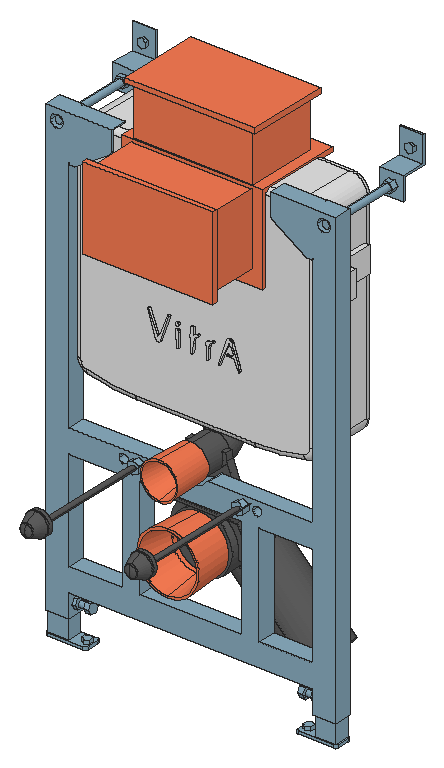
Revit family "ConcealedCistern-ForWallHungWCPans-82cm-GypsumplateWalls-FloorMounting-Unity-VitrA-761-5805", category Plumbing Fixtures, host Face, Revit 2017
Family settings
  Host = Face
  Round Connector Dimension = Use Diameter
  Part Type = Normal
  OmniClass Number = 23.45.00.00
  OmniClass Title = Sanitary, Laundry, and Cleaning Equipment
  Cut with Voids When Loaded = No
  Shared = Yes
  Room Calculation Point = No
Parameters (values of type "ConcealedCistern-ForWallHungWCPans-3/6lt-82cm-GypsumplateWalls-FloorMounting-Unity-VitrA-761-5805-01")
  Youtube = "https://www.youtube.com/user/VitrAglobal"
  Weight Net (kg) = "11.5"
  Waste Connection = yes
  Warranty Period (Year) = "10 Years"
  Vent Connection = no
  Uniformat II Description = ""
  Uniformat II Code = ""
  Uniclass 2015 Name = "WC cisterns"
  Uniclass 2015 Code = "Pr_40_20_93_89"
  Uniclass 2.0 Description = "Wc Cisterns"
  Uniclass 2.0 Code = "PR-35-93-90"
  Uniclass 1.4 Description = ""
  Uniclass 1.4 Code = ""
  URL = "https://www.vitra.com.tr/"
  UNSPSC Description = ""
  UNSPSC Code = ""
  Third Material = Blue
  Technical description = "https://www.vitraglobal.com/pdf/761-5805-01/"
  Tap hole Options (default) = ""
  Specification = ""
  Secondary Material = White
  Region South America = "All"
  Region Oceania = "All"
  Region North America = "All"
  Region Middle East = "All"
  Region Europe = "All"
  Region Asia = "All"
  Region Antarctica = "All"
  Region Africa = "All"
  Product url = "https://www.vitraglobal.com/flushing-solutions-flush-plates/frames-cisterns/concealed-frame-systems/unity-concealed-cistern-for-wall-hung-wc-pans-gypsumplate-walls-sku-761-5805-01/"
  Product manual = ""
  Product group = "ConcealedCistern-3/6lt-82cm-GypsumplateWalls-FloorMounting"
  Product family = "Vitra"
  Product data url = ""
  Product certification = "https://www.vitraglobal.com/brochures/"
  Product Type = "Concealed Cistern"
  Product SKU = "761-5805-01"
  Product Properties = "ConcealedCistern-ForWallHungWCPans-82cm-GypsumplateWalls-FloorMounting"
  Product Guid = ""
  Primary Material = Orange
  Outlet Angle = 90.00°
  OmniClass Description = "Water Closets"
  OmniClass Code = "23-31 19 19"
  Nominal Width (mm) = 500 mm
  Nominal Height (mm) = 820 mm
  Nominal Depth (mm) = 120 mm
  NBS Referans Description = "Wc Cisterns"
  NBS Referans Code = "35-93-90"
  Mounting type = "Assembly to floor & wall"
  Model = "761-5805-01"
  Masterformat 2014 Description = ""
  Masterformat 2014 Code = ""
  Manufacturer name = "Vitra"
  Manufacturer = "Vitra"
  Installation instructions = ""
  IFC Classification = "Sanitary Terminal"
  Help = ""
  HW Connection = no
  GTIP code = ""
  Features = ""
  EAN code = ""
  Design country = "Turkey"
  Description = "VitrA Unity - Concealed Cistern - For Wall Hung WC Pans - 3/6lt - 82cm - Gypsumplate Walls - Floor Mounting"
  Default Elevation = 1000 mm
  Color = ""
  Coating Material = Console
  Calculated flow = ""
  CW Connection = yes
  COBIe Type Category = ""
  Brand = "Vitra"
  BIMobject category = "Toilet Cisterns"
  Article No. (default) = "761-5805-01"
  Approvals = ""
  ApplicationType = ""
  Accessories (default) = ""
Reference planes
  plane 1 "Center (Front/Back)": y = 0
  plane 2: z = 0
  plane 3 "Center (Left/Right)": x = 0
  plane 4: z = 220
  plane 5: y = -79.884
  plane 6: y = 40.116
  plane 7: x = -250
  plane 8: x = 250
  plane 9: z = 820
Forms (mm)
  Extrusion 1, solid, detail levels coarse
    sketch origin (0, 0, 0) x (1, 0, 0) y (0, 1, 0)
      loop
        line (-250, 46.796) -> (-250, -79.884) -> (250, -79.884) -> (250, 46.796) -> (-250, 46.796)
    from 0 to 910.441
  Extrusion 2, solid, detail levels coarse
    sketch origin (0, 0, 0) x (1, 0, 0) y (0, 0, 1)
      loop
        circle (0, 220) r 65
      loop
        circle (0, 357.605) r 26.044
    from 0 to 233.75
  Extrusion 3, solid, detail levels coarse
    sketch origin (0, 0, -255) x (1, 0, 0) y (0, 0, 1)
      loop
        line (111.37, 1075.159) -> (-111.368, 1075.159) -> (-111.368, 932.335) -> (111.37, 932.335) -> (111.37, 1075.159)
    from 70.438 to 173.282
  Extrusion 4, solid, material "Console" <- "Coating Material", detail levels medium+fine
    sketch origin (-136.75, -79.782, 819.666) x (-1, 0, 0) y (0, 0, -1)
      loop
        line (-386.75, 780.5) -> (-386.75, 0) -> (-346.75, 0) -> (-346.75, 485.5) -> (-166.75, 485.5)
        arc (-166.75, 485.5) -> (-164.636, 485.969) -> (-162.918, 487.288) r 5
        arc (-162.918, 487.288) -> (-136.75, 499.5) -> (-110.582, 487.288) r 34.143
        arc (-110.582, 487.288) -> (-108.864, 485.969) -> (-106.75, 485.5) r 5
        line (-106.75, 485.5) -> (73.25, 485.5) -> (73.25, 0) -> (113.25, 0) -> (113.25, 780.5) -> (73.25, 780.5) -> (73.25, 740.5) -> (-346.75, 740.5) -> (-346.75, 780.5) -> (-386.75, 780.5)
      loop
        line (-254.25, 525.5) -> (-254.25, 700.5) -> (-346.75, 700.5) -> (-346.75, 525.5) -> (-254.25, 525.5)
      loop
        line (-224.25, 525.5) -> (-49.25, 525.5) -> (-49.25, 700.5) -> (-224.25, 700.5) -> (-224.25, 525.5)
      loop
        line (-19.25, 525.5) -> (73.25, 525.5) -> (73.25, 700.5) -> (-19.25, 700.5) -> (-19.25, 525.5)
      loop
        circle (-251.625, 500.523) r 7.957
      loop
        circle (-21.678, 500.198) r 8
      loop
        circle (93.406, 19.885) r 11
      loop
        circle (-366.655, 19.852) r 11
    from 0 to -30.5
  Extrusion 5, solid, material "Console" <- "Coating Material", detail levels medium+fine
    sketch origin (215.5, -64.782, 0) x (-1, 0, 0) y (0, -1, 0)
      loop
        arc (-30, 15) -> (-33.536, 13.536) -> (-35, 10) r 5
        line (-35, 10) -> (-35, -10)
        arc (-35, -10) -> (-33.536, -13.536) -> (-30, -15) r 5
        line (-30, -15) -> (30, -15)
        arc (30, -15) -> (33.536, -13.536) -> (35, -10) r 5
        line (35, -10) -> (35, 10)
        arc (35, 10) -> (33.536, 13.536) -> (30, 15) r 5
        line (30, 15) -> (-30, 15)
    from 0 to 5
  Extrusion 6, solid, material "Console" <- "Coating Material", detail levels medium+fine
    sketch origin (183.6, -76.733, 10.3) x (0.5, -0.866025, 0) y (0.866025, 0.5, 0)
      loop
        line (-13.8, 15.935) -> (-13.8, 7.967) -> (-6.9, 3.984) -> (0, 7.967) -> (0, 15.935) -> (-6.9, 19.919) -> (-13.8, 15.935)
    from 0 to -5.3
  Extrusion 7, solid, material "Console" <- "Coating Material", detail levels medium+fine
    sketch origin (215.5, -77.282, -95.834) x (1, 0, 0) y (0, 0, 1)
      loop
        line (32, 100.834) -> (32, 135) -> (-3, 135) -> (-3, 100.834) -> (32, 100.834)
    from 0 to -25
  Extrusion 8, solid, material "Console" <- "Coating Material", detail levels medium+fine
    sketch origin (180, -64.782, 59.166) x (0, 0, -1) y (0, -1, 0)
      loop
        line (0, -9.815) -> (8.5, -4.907) -> (8.5, 4.907) -> (0, 9.815) -> (-8.5, 4.907) -> (-8.5, -4.907) -> (0, -9.815)
    from 0 to -9
  Extrusion 9, solid, material "Console" <- "Coating Material", detail levels medium+fine
    sketch origin (202, -64.782, 59.166) x (0, 0, -1) y (0, -1, 0)
      loop
        line (0, -9.815) -> (8.5, -4.907) -> (8.5, 4.907) -> (0, 9.815) -> (-8.5, 4.907) -> (-8.5, -4.907) -> (0, -9.815)
    from 0 to -8
  Extrusion 10, solid, material "Console" <- "Coating Material", detail levels medium+fine
    sketch origin (189, -64.782, 59.166) x (0, 0, 1) y (0, -1, 0)
      loop
        circle (0.022, 0.006) r 5.5
    from 0 to 13
  Extrusion 11, solid, material "Console" <- "Coating Material", detail levels medium+fine
    sketch origin (-215.5, -64.782, 0) x (-1, 0, 0) y (0, -1, 0)
      loop
        line (30, 15) -> (-30, 15)
        arc (-30, 15) -> (-33.536, 13.536) -> (-35, 10) r 5
        line (-35, 10) -> (-35, -10)
        arc (-35, -10) -> (-33.536, -13.536) -> (-30, -15) r 5
        line (-30, -15) -> (30, -15)
        arc (30, -15) -> (33.536, -13.536) -> (35, -10) r 5
        line (35, -10) -> (35, 10)
        arc (35, 10) -> (33.536, 13.536) -> (30, 15) r 5
    from 0 to 5
  Extrusion 12, solid, material "Console" <- "Coating Material", detail levels medium+fine
    sketch origin (-183.6, -76.733, 10.3) x (-0.5, -0.866025, 0) y (0.866025, -0.5, 0)
      loop
        line (-13.8, -15.935) -> (-6.9, -19.919) -> (0, -15.935) -> (0, -7.967) -> (-6.9, -3.984) -> (-13.8, -7.967) -> (-13.8, -15.935)
    from 0 to -5.3
  Extrusion 13, solid, material "Console" <- "Coating Material", detail levels medium+fine
    sketch origin (-215.5, -77.282, -95.834) x (-1, 0, 0) y (0, 0, -1)
      loop
        line (32, -100.834) -> (-3, -100.834) -> (-3, -135) -> (32, -135) -> (32, -100.834)
    from 0 to -25
  Extrusion 14, solid, material "Console" <- "Coating Material", detail levels medium+fine
    sketch origin (-180, -64.782, 59.166) x (0, 0, -1) y (0, 1, 0)
      loop
        line (0, 9.815) -> (-8.5, 4.907) -> (-8.5, -4.907) -> (0, -9.815) -> (8.5, -4.907) -> (8.5, 4.907) -> (0, 9.815)
    from 0 to -9
  Extrusion 15, solid, material "Console" <- "Coating Material", detail levels medium+fine
    sketch origin (-202, -64.782, 59.166) x (0, 0, -1) y (0, 1, 0)
      loop
        line (0, 9.815) -> (-8.5, 4.907) -> (-8.5, -4.907) -> (0, -9.815) -> (8.5, -4.907) -> (8.5, 4.907) -> (0, 9.815)
    from 0 to -8
  Extrusion 16, solid, material "Console" <- "Coating Material", detail levels medium+fine
    sketch origin (-189, -64.782, 59.166) x (0, 0, 1) y (0, 1, 0)
      loop
        circle (0.022, -0.006) r 5.5
    from 0 to 13
  Extrusion 17, solid, material "Console" <- "Coating Material", detail levels medium+fine
    sketch origin (-136.75, -79.782, 819.666) x (-1, 0, 0) y (0, 0, -1)
      loop
        line (62.754, 79.537) -> (3.192, 40.928)
        arc (3.192, 40.928) -> (0.85, 38.397) -> (0, 35.054) r 7
        line (0, 35.054) -> (0, 0) -> (73.25, 0) -> (73.25, 77.858)
        arc (73.25, 77.858) -> (72.664, 79.273) -> (71.25, 79.858) r 2
        line (71.25, 79.858) -> (63.842, 79.858)
        arc (63.842, 79.858) -> (63.274, 79.776) -> (62.754, 79.537) r 2
      loop
        line (-346.75, 0) -> (-273.5, 0) -> (-273.5, 35.054)
        arc (-273.5, 35.054) -> (-274.35, 38.397) -> (-276.692, 40.928) r 7
        line (-276.692, 40.928) -> (-336.254, 79.537)
        arc (-336.254, 79.537) -> (-336.774, 79.776) -> (-337.342, 79.858) r 2
        line (-337.342, 79.858) -> (-344.75, 79.858)
        arc (-344.75, 79.858) -> (-346.164, 79.273) -> (-346.75, 77.858) r 2
        line (-346.75, 77.858) -> (-346.75, 0)
    from 0 to -2
  Extrusion 18, solid, material "Console" <- "Coating Material", detail levels medium+fine
    sketch origin (-210, -49.782, 819.666) x (1, 0, 0) y (0, 1, 0)
      loop
        line (71.25, 0) -> (2, 0)
        arc (2, 0) -> (0.586, -0.586) -> (0, -2) r 2
        line (0, -2) -> (0, -30) -> (73.25, -30) -> (73.25, -2)
        arc (73.25, -2) -> (72.664, -0.586) -> (71.25, 0) r 2
      loop
        line (418, 0) -> (348.75, 0)
        arc (348.75, 0) -> (347.336, -0.586) -> (346.75, -2) r 2
        line (346.75, -2) -> (346.75, -30) -> (420, -30) -> (420, -2)
        arc (420, -2) -> (419.414, -0.586) -> (418, 0) r 2
    from 0 to -2
  Extrusion 19, solid, material "Console" <- "Coating Material", detail levels medium+fine
    sketch origin (250, 108.718, 840.666) x (0, 0, 1) y (0, -1, 0)
      loop
        line (-24, -1.5) -> (24, -1.5) -> (24, 1.5) -> (-21, 1.5) -> (-21, 43.5) -> (-61, 43.5) -> (-61, 40.5) -> (-24, 40.5) -> (-24, -1.5)
    from 0 to -40
  Extrusion 20, solid, material "Console" <- "Coating Material", detail levels medium+fine
    sketch origin (236.9, 101.918, 851.617) x (-0.5, 0, 0.866025) y (-0.866025, 0, -0.5)
      loop
        line (-13.8, 7.967) -> (-6.9, 3.984) -> (0, 7.967) -> (0, 15.935) -> (-6.9, 19.919) -> (-13.8, 15.935) -> (-13.8, 7.967)
    from 0 to -5.3
  Extrusion 21, solid, material "Console" <- "Coating Material", detail levels medium+fine
    sketch origin (230, 55.218, 799.666) x (0, 0, -1) y (1, 0, 0)
      loop
        line (0, 9.815) -> (-8.5, 4.907) -> (-8.5, -4.907) -> (0, -9.815) -> (8.5, -4.907) -> (8.5, 4.907) -> (0, 9.815)
    from 0 to -10
  Extrusion 22, solid, material "Console" <- "Coating Material", detail levels medium+fine
    sketch origin (230, -49.282, 799.666) x (0, 0, -1) y (1, 0, 0)
      loop
        line (0, 9.815) -> (-8.5, 4.907) -> (-8.5, -4.907) -> (0, -9.815) -> (8.5, -4.907) -> (8.5, 4.907) -> (0, 9.815)
    from 0 to -9.5
  Extrusion 23, solid, material "Console" <- "Coating Material", detail levels medium+fine
    sketch origin (230, 80.218, 799.666) x (0, 0, 1) y (1, 0, 0)
      loop
        circle (0.094, 0.008) r 5.956
    from 0 to -156.238
  Extrusion 24, solid, material "Console" <- "Coating Material", detail levels medium+fine
    sketch origin (-250, 108.718, 840.666) x (0, 0, 1) y (0, 1, 0)
      loop
        line (-24, 1.5) -> (-24, -40.5) -> (-61, -40.5) -> (-61, -43.5) -> (-21, -43.5) -> (-21, -1.5) -> (24, -1.5) -> (24, 1.5) -> (-24, 1.5)
    from 0 to -40
  Extrusion 25, solid, material "Console" <- "Coating Material", detail levels medium+fine
    sketch origin (-236.9, 101.918, 851.617) x (0.5, 0, 0.866025) y (-0.866025, 0, 0.5)
      loop
        line (-13.8, -7.967) -> (-13.8, -15.935) -> (-6.9, -19.919) -> (0, -15.935) -> (0, -7.967) -> (-6.9, -3.984) -> (-13.8, -7.967)
    from 0 to -5.3
  Extrusion 26, solid, material "Console" <- "Coating Material", detail levels medium+fine
    sketch origin (-230, 55.218, 799.666) x (0, 0, -1) y (1, 0, 0)
      loop
        line (0, -9.815) -> (8.5, -4.907) -> (8.5, 4.907) -> (0, 9.815) -> (-8.5, 4.907) -> (-8.5, -4.907) -> (0, -9.815)
    from 0 to -10
  Extrusion 27, solid, material "Console" <- "Coating Material", detail levels medium+fine
    sketch origin (-230, -49.282, 799.666) x (0, 0, -1) y (1, 0, 0)
      loop
        line (0, -9.815) -> (8.5, -4.907) -> (8.5, 4.907) -> (0, 9.815) -> (-8.5, 4.907) -> (-8.5, -4.907) -> (0, -9.815)
    from 0 to -9.5
  Extrusion 28, solid, material "Console" <- "Coating Material", detail levels medium+fine
    sketch origin (-230, 80.218, 799.666) x (0, 0, 1) y (1, 0, 0)
      loop
        circle (0.094, -0.008) r 5.956
    from 0 to -156.238
  Extrusion 29, solid, material "Black", detail levels medium+fine
    sketch origin (51.92, -48.797, -283.96) x (1, 0, 0) y (0, 0, 1)
      loop
        circle (-141.764, 603.413) r 4.2
      loop
        circle (38.236, 603.413) r 4.2
    from 249.207 to 0.697
  Revolve 30, solid, material "Black", detail levels medium+fine
    sketch origin (89.974, -68.516, 9.766) x (0, 1, 0) y (0, 0, 1)
      loop
        line (-223.489, 292.259) -> (-223.489, 313.259) -> (-255.489, 313.259)
        arc (-255.489, 313.259) -> (-254.814, 307.893) -> (-252.831, 302.861) r 21.667
        arc (-252.831, 302.861) -> (-252.43, 302.349) -> (-251.886, 301.992) r 2
        line (-251.886, 301.992) -> (-231.965, 293.176)
        arc (-231.965, 293.176) -> (-230.967, 292.836) -> (-229.924, 292.675) r 6
        line (-229.924, 292.675) -> (-223.489, 292.259)
      axis (-255.489, 313.259) -> (-223.489, 313.259)
    angle from 0 to 360
  Revolve 31, solid, material "Black", detail levels medium+fine
    sketch origin (-90.026, -68.516, 9.766) x (0, 1, 0) y (0, 0, 1)
      loop
        line (-223.489, 292.259) -> (-223.489, 313.259) -> (-255.489, 313.259)
        arc (-255.489, 313.259) -> (-254.814, 307.893) -> (-252.831, 302.861) r 21.667
        arc (-252.831, 302.861) -> (-252.43, 302.349) -> (-251.886, 301.992) r 2
        line (-251.886, 301.992) -> (-231.965, 293.176)
        arc (-231.965, 293.176) -> (-230.967, 292.836) -> (-229.924, 292.675) r 6
        line (-229.924, 292.675) -> (-223.489, 292.259)
      axis (-255.489, 313.259) -> (-223.489, 313.259)
    angle from 0 to 360
  Extrusion 32, solid, material "Console" <- "Coating Material", detail levels medium+fine
    sketch origin (90.026, -91.982, 319.166) x (1, 0, 0) y (0, 0, 1)
      loop
        line (9.5, 5.5) -> (0, 10.985) -> (-9.526, 5.485) -> (-9.526, -5.485) -> (0, -10.985) -> (9.5, -5.5) -> (9.5, 5.5)
    from 0 to -12.2
  Extrusion 33, solid, material "Console" <- "Coating Material", detail levels medium+fine
    sketch origin (-89.974, -91.982, 319.166) x (1, 0, 0) y (0, 0, 1)
      loop
        line (9.5, 5.5) -> (0, 10.985) -> (-9.526, 5.485) -> (-9.526, -5.485) -> (0, -10.985) -> (9.5, -5.5) -> (9.5, 5.5)
    from 0 to -12.2
  Extrusion 34, solid, material "Black", detail levels medium+fine
    sketch origin (0, -38.509, 297.089) x (0, 0, 1) y (1, 0, 0)
      loop
        line (58.021, 35.999) -> (20.456, 49.671) -> (6.2, 49.671) -> (6.2, -49.837) -> (20, -49.837) -> (58.021, -35.999)
        arc (58.021, -35.999) -> (63.766, -35.519) -> (69.375, -34.187) r 38.5
        line (69.375, -34.187) -> (69.375, -23.79)
        arc (69.375, -23.79) -> (31.2, 0) -> (69.375, 23.79) r 26.5
        line (69.375, 23.79) -> (69.375, 34.187)
        arc (69.375, 34.187) -> (63.766, 35.519) -> (58.021, 35.999) r 38.5
    from 3 to -8.682
  Extrusion 35, solid, material "Black", detail levels medium+fine
    sketch origin (-30, -44.133, 290.503) x (1, 0, 0) y (0, 0, 1)
      loop
        line (0.072, -7.837) -> (0.072, -5.846)
        arc (0.072, -5.846) -> (-25.549, -37.091) -> (-35.991, -76.124) r 95.7
        arc (-35.991, -76.124) -> (-29.358, -83.436) -> (-22.047, -76.804) r 6.98
        arc (-22.047, -76.804) -> (26.652, -17.687) -> (82.521, -70.079) r 52.5
        arc (82.521, -70.079) -> (82.422, -73.296) -> (82.127, -76.502) r 52.5
        arc (82.127, -76.502) -> (89.278, -84.37) -> (95.991, -76.125) r 7.013
        arc (95.991, -76.125) -> (85.59, -37.173) -> (60.072, -5.96) r 95.7
        line (60.072, -5.96) -> (60.072, -7.835) -> (0.072, -7.837)
    from 0 to -14
  Revolve 36, solid, material "Orange" <- "Primary Material", detail levels medium+fine
    sketch origin (0, 10.867, -0.146) x (0, 0, -1) y (0, -1, 0)
      loop
        line (-377.268, 90) -> (-377.268, 86.838) -> (-375, 86.838) -> (-375, 95.462) -> (-385, 158.6) -> (-387.396, 158.6) -> (-385, 90) -> (-377.268, 90)
      axis (-355, 158.6) -> (-355, 86.838)
    angle from 0 to 360
  Revolve 37, solid, material "Orange" <- "Primary Material", detail levels medium+fine
    sketch origin (0, 37.117, 1.104) x (0, 0, -1) y (0, -1, 0)
      loop
        line (-268.532, 166.309) -> (-272.286, 166.309) -> (-268.732, 98.5) -> (-259.117, 98.5) -> (-259.117, 106.865) -> (-268.532, 166.309)
      axis (-218.926, 166.309) -> (-218.926, 98.5)
    angle from 0 to 360
  Sweep 38, solid, material "Black", detail levels medium+fine
    path origin (0, 916.875, -0.781) x (0, 1, 0) y (0, 0, 1)
      loop
        line (-996.008, 355.636) -> (-947.846, 355.636)
        arc (-947.846, 355.636) -> (-926.633, 364.422) -> (-917.846, 385.636) r 30
        line (-917.846, 385.636) -> (-917.846, 430.636)
    profile origin (0, -55.052, 354.854) x (0, 0, 1) y (1, 0, 0)
      loop
        circle (0, 0) r 28
  Extrusion 39, solid, material "Black", detail levels medium+fine
    sketch origin (0.021, -56.383, 220.424) x (1, 0, 0) y (0, 0, 1)
      loop
        circle (-0.021, -0.393) r 52.806
    from 0 to -49.874
  Sweep 40, solid, material "Black", detail levels medium+fine
    path origin (0, 0, 220) x (0.707107, 0, -0.707107) y (0, -1, 0)
      loop
        line (0, 44.884) -> (0, 25.5)
        arc (0, 25.5) -> (14.059, -8.441) -> (48, -22.5) r 48
        line (48, -22.5) -> (220, -22.5)
    profile origin (0, -35.192, 220) x (0.707107, 0, -0.707107) y (-0.707107, 0, -0.707107)
      loop
        circle (-0.045, 0) r 46
  Extrusion 41, solid, material "Black", detail levels medium+fine
    sketch origin (50, -49.782, 261.478) x (0, 0, -1) y (0.008727, 0.999962, 0)
      loop
        line (-21.189, -19.59) -> (-0.646, 4.893) -> (-0.696, 21.001) -> (-21.189, 21.001) -> (-31.803, 14.873) -> (-41.814, 14.873) -> (-41.791, 0) -> (-30.689, 0) -> (-30.689, -24.505) -> (-21.189, -24.505) -> (-21.189, -19.59)
    from 0 to -99.929
  Extrusion 42, solid, material "Orange" <- "Primary Material", detail levels medium+fine
    sketch origin (121, -71.282, 682.666) x (0, 0, 1) y (0, -1, 0)
      loop
        line (132.5, -146.511) -> (132.5, 6) -> (-20.5, 6) -> (-20.5, 0) -> (125.235, 0) -> (125.235, -146.511) -> (132.5, -146.511)
    from 0 to -242
  Extrusion 43, solid, material "Orange" <- "Primary Material", detail levels medium+fine
    sketch origin (102.374, 48.212, 910.441) x (0, -1, 0) y (0, 0, -1)
      loop
        line (121.911, 8.7) -> (121.911, 95.275) -> (-0.837, 95.275) -> (-0.837, 8.7) -> (121.911, 8.7)
      loop
        line (125.493, 99.901) -> (212.793, 99.901) -> (212.793, 222.649) -> (125.493, 222.649) -> (125.493, 99.901)
    from 0 to -205.897
  Extrusion 44, solid, material "Orange" <- "Primary Material", detail levels medium+fine
    sketch origin (112.2, 55.175, 910.441) x (0, -1, 0) y (0, 0, -1)
      loop
        line (-3.7, 0) -> (138.7, 0) -> (138.7, 8.7) -> (-3.7, 8.7) -> (-3.7, 0)
      loop
        line (228.456, 90.075) -> (228.456, 232.475) -> (219.756, 232.475) -> (219.756, 90.075) -> (228.456, 90.075)
    from 0 to -223.568
  Extrusion 45, solid, material "Black", detail levels medium+fine
    sketch origin (0, 0.218, 385.666) x (1, 0, 0) y (0, 1, 0)
      loop
        circle (0, -0.123) r 39
    from 0 to 6.5
  Extrusion 46, solid, material "White" <- "Secondary Material", detail levels medium+fine
    sketch origin (215.5, 38.992, 716.666) x (0, 1, 0) y (-0.999962, 0, 0.008727)
      loop
        line (-69.057, -29.105) -> (-68.824, -2.354) -> (-6.044, -2.354) -> (-5.953, 8) -> (-88.295, 8) -> (-87.971, -29.105) -> (-69.057, -29.105)
    from 0 to -45
  Extrusion 47, solid, material "White" <- "Secondary Material", detail levels medium+fine
    sketch origin (-215.5, 38.992, 716.666) x (0, 1, 0) y (-0.999962, 0, -0.008727)
      loop
        line (-69.057, 29.105) -> (-87.971, 29.105) -> (-88.295, -8) -> (-5.953, -8) -> (-6.044, 2.354) -> (-68.824, 2.354) -> (-69.057, 29.105)
    from 0 to -45
  Extrusion 48, solid, material "White" <- "Secondary Material", detail levels medium+fine
    sketch origin (0, 50.218, 414.166) x (0, 0, 1) y (1, 0, 0)
      loop
        arc (400, 177.5) -> (391.213, 198.713) -> (370, 207.5) r 30
        line (370, 207.5) -> (27, 207.5)
        arc (27, 207.5) -> (11.651, 202.234) -> (2.769, 188.654) r 25
        arc (2.769, 188.654) -> (-5.297, 145.912) -> (-8, 102.5) r 350
        line (-8, 102.5) -> (-8, -102.5)
        arc (-8, -102.5) -> (-5.297, -145.912) -> (2.769, -188.654) r 350
        arc (2.769, -188.654) -> (11.651, -202.234) -> (27, -207.5) r 25
        line (27, -207.5) -> (370, -207.5)
        arc (370, -207.5) -> (391.213, -198.713) -> (400, -177.5) r 30
        line (400, -177.5) -> (400, 177.5)
    from 0 to -120
  Sweep 49, void
    path origin (0, 50.218, 414.166) x (0, 0, 1) y (1, 0, 0)
      loop
        line (370, 207.5) -> (27, 207.5)
        arc (27, 207.5) -> (11.651, 202.234) -> (2.769, 188.654) r 25
        arc (2.769, 188.654) -> (-5.297, 145.912) -> (-8, 102.5) r 350
        line (-8, 102.5) -> (-8, -102.5)
        arc (-8, -102.5) -> (-5.297, -145.912) -> (2.769, -188.654) r 350
        arc (2.769, -188.654) -> (11.651, -202.234) -> (27, -207.5) r 25
        line (27, -207.5) -> (370, -207.5)
        arc (370, -207.5) -> (391.213, -198.713) -> (400, -177.5) r 30
        line (400, -177.5) -> (400, 177.5)
        arc (400, 177.5) -> (391.213, 198.713) -> (370, 207.5) r 30
    profile origin (207.5, 50.218, 612.666) x (0, 1, 0) y (-1, 0, 0)
      loop
        line (2.232, 10) -> (0, 10)
        arc (0, 10) -> (-2.929, 2.929) -> (-10, 0) r 10
        line (-10, 0) -> (-10, -2.5) -> (2.232, -2.5) -> (2.232, 10)
  Sweep 50, void
    path origin (0, -69.782, 414.166) x (0, 0, 1) y (-1, 0, 0)
      loop
        arc (370, -207.5) -> (391.213, -198.713) -> (400, -177.5) r 30
        line (400, -177.5) -> (400, 177.5)
        arc (400, 177.5) -> (391.213, 198.713) -> (370, 207.5) r 30
        line (370, 207.5) -> (27, 207.5)
        arc (27, 207.5) -> (11.651, 202.234) -> (2.769, 188.654) r 25
        arc (2.769, 188.654) -> (-5.297, 145.912) -> (-8, 102.5) r 350
        line (-8, 102.5) -> (-8, -102.5)
        arc (-8, -102.5) -> (-5.297, -145.912) -> (2.769, -188.654) r 350
        arc (2.769, -188.654) -> (11.651, -202.234) -> (27, -207.5) r 25
        line (27, -207.5) -> (370, -207.5)
    profile origin (207.5, -69.782, 612.666) x (0, -1, 0) y (1, 0, 0)
      loop
        line (2.232, -10) -> (2.232, 2.5) -> (-10, 2.5) -> (-10, 0)
        arc (-10, 0) -> (-2.929, -2.929) -> (0, -10) r 10
        line (0, -10) -> (2.232, -10)
  Extrusion 51, solid, material "White" <- "Secondary Material", detail levels medium+fine
    sketch origin (0, -72.282, 414.166) x (1, 0, 0) y (0, 0, 1)
      loop
        line (5.1, 135.503) -> (-1.147, 132.981)
        spline (-1.147, 132.981) -> (-1.182, 133.87) -> (-1.2, 134.759) -> (-1.205, 135.649) -> (-1.201, 136.539) -> (-1.191, 137.429) -> (-1.18, 138.32) -> (-1.169, 139.21) -> (-1.162, 140.1) -> (-1.157, 140.99) -> (-1.153, 141.88) -> (-1.148, 142.769) -> (-1.141, 143.659)
        spline (-1.141, 143.659) -> (-1.534, 143.919) -> (-1.944, 144.152) -> (-2.378, 144.335) -> (-2.833, 144.456) -> (-3.3, 144.519) -> (-3.77, 144.536) -> (-4.241, 144.519) -> (-4.708, 144.462) -> (-5.166, 144.35) -> (-5.604, 144.178) -> (-6.02, 143.955) -> (-6.417, 143.704)
        line (-6.417, 143.704) -> (-6.209, 131.164)
        spline (-6.209, 131.164) -> (-6.439, 131.064) -> (-6.656, 130.933) -> (-6.857, 130.775) -> (-7.037, 130.593) -> (-7.194, 130.389) -> (-7.322, 130.167) -> (-7.42, 129.93) -> (-7.485, 129.681) -> (-7.519, 129.427) -> (-7.521, 129.171) -> (-7.491, 128.919) -> (-7.43, 128.676)
        spline (-7.43, 128.676) -> (-7.252, 128.179) -> (-7.08, 127.68) -> (-6.918, 127.177) -> (-6.765, 126.671) -> (-6.624, 126.16) -> (-6.495, 125.646) -> (-6.379, 125.129) -> (-6.276, 124.609) -> (-6.188, 124.087) -> (-6.116, 123.563) -> (-6.059, 123.037) -> (-6.018, 122.51)
        line (-6.018, 122.51) -> (-5.376, 103.216)
        spline (-5.376, 103.216) -> (-5.163, 103.01) -> (-4.923, 102.833) -> (-4.66, 102.688) -> (-4.38, 102.578) -> (-4.088, 102.507) -> (-3.79, 102.478) -> (-3.493, 102.495) -> (-3.205, 102.564) -> (-2.929, 102.679) -> (-2.669, 102.831) -> (-2.428, 103.013) -> (-2.207, 103.216)
        spline (-2.207, 103.216) -> (-2.115, 104.555) -> (-2.046, 105.897) -> (-1.994, 107.239) -> (-1.949, 108.582) -> (-1.902, 109.924) -> (-1.849, 111.266) -> (-1.789, 112.608) -> (-1.723, 113.95) -> (-1.653, 115.291) -> (-1.578, 116.632) -> (-1.5, 117.973) -> (-1.42, 119.313)
        spline (-1.42, 119.313) -> (-1.371, 119.835) -> (-1.311, 120.356) -> (-1.242, 120.877) -> (-1.163, 121.398) -> (-1.073, 121.918) -> (-0.97, 122.435) -> (-0.852, 122.95) -> (-0.719, 123.459) -> (-0.569, 123.963) -> (-0.4, 124.46) -> (-0.211, 124.95) -> (0, 125.43)
        spline (0, 125.43) -> (0.372, 126.157) -> (0.79, 126.865) -> (1.249, 127.548) -> (1.75, 128.203) -> (2.288, 128.827) -> (2.861, 129.418) -> (3.467, 129.97) -> (4.103, 130.483) -> (4.762, 130.964) -> (5.432, 131.429) -> (6.105, 131.889) -> (6.771, 132.36)
        spline (6.771, 132.36) -> (7.086, 132.658) -> (7.326, 133.026) -> (7.478, 133.439) -> (7.531, 133.872) -> (7.483, 134.305) -> (7.337, 134.719) -> (7.099, 135.092) -> (6.78, 135.392) -> (6.395, 135.587) -> (5.965, 135.659) -> (5.522, 135.625) -> (5.1, 135.503)
      loop
        line (30.994, 134.701) -> (23.208, 131.516)
        spline (23.208, 131.516) -> (22.771, 131.298) -> (22.353, 131.044) -> (21.963, 130.751) -> (21.61, 130.414) -> (21.301, 130.037) -> (21.039, 129.626) -> (20.825, 129.188) -> (20.666, 128.727) -> (20.573, 128.249) -> (20.531, 127.764) -> (20.522, 127.276) -> (20.532, 126.789)
        spline (20.532, 126.789) -> (20.584, 124.835) -> (20.634, 122.881) -> (20.684, 120.927) -> (20.736, 118.973) -> (20.79, 117.02) -> (20.849, 115.066) -> (20.914, 113.113) -> (20.983, 111.161) -> (21.047, 109.207) -> (21.093, 107.253) -> (21.112, 105.298) -> (21.192, 103.345)
        spline (21.192, 103.345) -> (21.414, 103.129) -> (21.665, 102.943) -> (21.939, 102.791) -> (22.232, 102.675) -> (22.538, 102.601) -> (22.85, 102.571) -> (23.16, 102.591) -> (23.461, 102.663) -> (23.749, 102.784) -> (24.021, 102.945) -> (24.273, 103.135) -> (24.503, 103.347)
        spline (24.503, 103.347) -> (24.557, 104.768) -> (24.599, 106.188) -> (24.638, 107.609) -> (24.677, 109.03) -> (24.716, 110.451) -> (24.756, 111.872) -> (24.799, 113.293) -> (24.844, 114.713) -> (24.895, 116.134) -> (24.95, 117.554) -> (25.012, 118.974) -> (25.082, 120.393)
        spline (25.082, 120.393) -> (25.12, 120.838) -> (25.17, 121.283) -> (25.232, 121.726) -> (25.304, 122.169) -> (25.387, 122.61) -> (25.482, 123.049) -> (25.589, 123.485) -> (25.708, 123.918) -> (25.841, 124.346) -> (25.986, 124.77) -> (26.145, 125.188) -> (26.318, 125.6)
        spline (26.318, 125.6) -> (26.641, 126.266) -> (27.002, 126.918) -> (27.4, 127.551) -> (27.834, 128.159) -> (28.304, 128.738) -> (28.81, 129.282) -> (29.351, 129.786) -> (29.926, 130.247) -> (30.529, 130.67) -> (31.148, 131.072) -> (31.771, 131.468) -> (32.386, 131.876)
        spline (32.386, 131.876) -> (32.676, 132.123) -> (32.912, 132.43) -> (33.066, 132.778) -> (33.116, 133.15) -> (33.062, 133.525) -> (32.921, 133.883) -> (32.71, 134.203) -> (32.438, 134.467) -> (32.113, 134.661) -> (31.744, 134.771) -> (31.36, 134.787) -> (30.994, 134.701)
      loop
        line (66.718, 122.51) -> (56.423, 122.51)
        spline (56.423, 122.51) -> (56.164, 122.426) -> (55.931, 122.262) -> (55.737, 122.037) -> (55.596, 121.773) -> (55.521, 121.489) -> (55.527, 121.206) -> (55.611, 120.942) -> (55.762, 120.714) -> (55.968, 120.538) -> (56.214, 120.415) -> (56.483, 120.342) -> (56.756, 120.312)
        line (56.756, 120.312) -> (67.373, 120.312)
        spline (67.373, 120.312) -> (67.701, 120.249) -> (68.027, 120.167) -> (68.347, 120.06) -> (68.655, 119.928) -> (68.946, 119.767) -> (69.215, 119.574) -> (69.457, 119.347) -> (69.671, 119.091) -> (69.859, 118.812) -> (70.02, 118.515) -> (70.154, 118.206) -> (70.262, 117.891)
        spline (70.262, 117.891) -> (70.763, 116.6) -> (71.263, 115.31) -> (71.762, 114.019) -> (72.26, 112.727) -> (72.756, 111.435) -> (73.248, 110.141) -> (73.736, 108.846) -> (74.218, 107.548) -> (74.694, 106.248) -> (75.161, 104.945) -> (75.619, 103.64) -> (76.068, 102.33)
        spline (76.068, 102.33) -> (76.141, 102.228) -> (76.244, 102.153) -> (76.367, 102.096) -> (76.501, 102.051) -> (76.637, 102.012) -> (76.771, 101.976) -> (76.902, 101.944) -> (77.032, 101.92) -> (77.16, 101.904) -> (77.287, 101.9) -> (77.413, 101.909) -> (77.538, 101.934)
        spline (77.538, 101.934) -> (77.652, 101.969) -> (77.757, 102.021) -> (77.856, 102.087) -> (77.95, 102.164) -> (78.039, 102.251) -> (78.125, 102.344) -> (78.209, 102.441) -> (78.291, 102.541) -> (78.37, 102.643) -> (78.436, 102.747) -> (78.482, 102.857) -> (78.499, 102.974)
        spline (78.499, 102.974) -> (77.504, 106.535) -> (76.4, 110.065) -> (75.256, 113.583) -> (74.108, 117.098) -> (72.955, 120.611) -> (71.797, 124.123) -> (70.628, 127.631) -> (69.446, 131.136) -> (68.245, 134.633) -> (67.02, 138.121) -> (65.771, 141.601) -> (64.447, 145.054)
        spline (64.447, 145.054) -> (64.002, 145.801) -> (63.42, 146.458) -> (62.725, 146.994) -> (61.942, 147.381) -> (61.1, 147.612) -> (60.228, 147.687) -> (59.358, 147.606) -> (58.517, 147.371) -> (57.735, 146.982) -> (57.039, 146.449) -> (56.452, 145.797) -> (55.997, 145.056)
        spline (55.997, 145.056) -> (54.667, 141.601) -> (53.425, 138.116) -> (52.214, 134.619) -> (51.025, 131.114) -> (49.842, 127.607) -> (48.667, 124.098) -> (47.5, 120.586) -> (46.341, 117.072) -> (45.185, 113.556) -> (44.033, 110.039) -> (42.893, 106.517) -> (41.787, 102.986)
        spline (41.787, 102.986) -> (41.804, 102.871) -> (41.852, 102.764) -> (41.92, 102.662) -> (41.999, 102.563) -> (42.082, 102.465) -> (42.165, 102.369) -> (42.249, 102.276) -> (42.335, 102.19) -> (42.425, 102.112) -> (42.521, 102.045) -> (42.623, 101.991) -> (42.734, 101.953)
        spline (42.734, 101.953) -> (42.869, 101.925) -> (43.005, 101.909) -> (43.142, 101.906) -> (43.28, 101.916) -> (43.416, 101.939) -> (43.552, 101.973) -> (43.685, 102.016) -> (43.816, 102.069) -> (43.944, 102.13) -> (44.067, 102.198) -> (44.187, 102.271) -> (44.301, 102.349)
        spline (44.301, 102.349) -> (45.352, 105.412) -> (46.438, 108.463) -> (47.552, 111.504) -> (48.692, 114.536) -> (49.855, 117.559) -> (51.035, 120.576) -> (52.23, 123.586) -> (53.441, 126.59) -> (54.668, 129.587) -> (55.913, 132.577) -> (57.178, 135.558) -> (58.464, 138.53)
        spline (58.464, 138.53) -> (58.67, 138.908) -> (58.921, 139.294) -> (59.21, 139.652) -> (59.526, 139.949) -> (59.861, 140.151) -> (60.205, 140.225) -> (60.549, 140.149) -> (60.885, 139.945) -> (61.203, 139.648) -> (61.494, 139.291) -> (61.748, 138.907) -> (61.956, 138.53)
        line (61.956, 138.53) -> (67.193, 126.011)
        spline (67.193, 126.011) -> (67.353, 125.676) -> (67.509, 125.34) -> (67.663, 125.001) -> (67.818, 124.658) -> (67.967, 124.306) -> (68.073, 123.946) -> (68.091, 123.575) -> (67.986, 123.208) -> (67.768, 122.903) -> (67.457, 122.705) -> (67.093, 122.587) -> (66.718, 122.51)
      loop
        line (-26.257, 127.857) -> (-26.257, 130.906)
        spline (-26.257, 130.906) -> (-26.657, 131.168) -> (-27.085, 131.384) -> (-27.535, 131.546) -> (-28, 131.653) -> (-28.473, 131.712) -> (-28.95, 131.731) -> (-29.427, 131.715) -> (-29.9, 131.657) -> (-30.365, 131.549) -> (-30.815, 131.387) -> (-31.243, 131.173) -> (-31.647, 130.917)
        line (-31.647, 130.917) -> (-31.647, 127.856)
        spline (-31.647, 127.856) -> (-31.561, 125.813) -> (-31.475, 123.77) -> (-31.393, 121.727) -> (-31.31, 119.684) -> (-31.224, 117.641) -> (-31.13, 115.599) -> (-31.029, 113.557) -> (-30.93, 111.515) -> (-30.843, 109.472) -> (-30.78, 107.428) -> (-30.734, 105.382) -> (-30.603, 103.342)
        spline (-30.603, 103.342) -> (-30.38, 103.127) -> (-30.129, 102.941) -> (-29.854, 102.79) -> (-29.561, 102.675) -> (-29.255, 102.6) -> (-28.944, 102.569) -> (-28.634, 102.588) -> (-28.332, 102.659) -> (-28.044, 102.78) -> (-27.772, 102.939) -> (-27.519, 103.13) -> (-27.289, 103.342)
        spline (-27.289, 103.342) -> (-27.179, 105.383) -> (-27.132, 107.429) -> (-27.064, 109.473) -> (-26.977, 111.515) -> (-26.882, 113.558) -> (-26.789, 115.6) -> (-26.702, 117.643) -> (-26.618, 119.686) -> (-26.537, 121.729) -> (-26.456, 123.772) -> (-26.367, 125.815) -> (-26.257, 127.857)
      loop
        line (-45.606, 147.19) -> (-59.834, 111.02)
        arc (-59.834, 111.02) -> (-61.616, 109.806) -> (-63.398, 111.02) r 1.915
        line (-63.398, 111.02) -> (-77.626, 147.19)
        arc (-77.626, 147.19) -> (-79.1, 147.964) -> (-80.079, 146.618) r 1.272
        line (-80.079, 146.618) -> (-65.891, 104.564)
        arc (-65.891, 104.564) -> (-61.616, 101.494) -> (-57.341, 104.564) r 4.512
        line (-57.341, 104.564) -> (-43.154, 146.618)
        arc (-43.154, 146.618) -> (-44.133, 147.964) -> (-45.606, 147.19) r 1.272
      loop
        circle (-28.956, 140.006) r 2.699
    from -10 to 0
  Extrusion 52, void
    sketch origin (0, 0, 0) x (1, 0, 0) y (0, 0, 1)
      loop
        line (250, 910) -> (-250.5, 910) -> (-250.5, 0) -> (250, 0) -> (250, 910)
    from -52.337 to 79.884
  Extrusion 53, solid, material "Black"
    sketch origin (-221.208, 9.5, 743.958) x (0, 1, 0) y (0, 0, -1)
      loop
        circle (0.056, 0.052) r 10
    from 0 to -44
Cuts and joins
  joined: Extrusion 1, Extrusion 2, Extrusion 3
  Sweep 49, Sweep 50 cuts Extrusion 48
  joined: Extrusion 46, Extrusion 47, Extrusion 48, Extrusion 51
  joined: Extrusion 4, Extrusion 5, Extrusion 6, Extrusion 7, Extrusion 8, Extrusion 9, Extrusion 10, Extrusion 11, Extrusion 12, Extrusion 13, Extrusion 14, Extrusion 15, Extrusion 16, Extrusion 17, Extrusion 18, Extrusion 19, Extrusion 20, Extrusion 21, Extrusion 22, Extrusion 23, Extrusion 24, Extrusion 25, Extrusion 26, Extrusion 27, Extrusion 28, Extrusion 32, Extrusion 33
  joined: Extrusion 42, Extrusion 43, Extrusion 44
Lines and regions (mm)
  reference lines
    curve 1: line (0, 0, 220) -> (162.635, 0, 57.365)
Dimensions and locks
  host face to plane 4 = 220 mm
  "Nominal Depth (mm)": plane 6 to plane 5
  "Nominal Width (mm)": plane 7 to plane 8
  plane 7 to plane 8 = 500 mm
  plane 4 to level = 220 mm
  "Nominal Height (mm)": plane 9 to level
  angle plane 3 "Center (Left/Right)" to curve 1 = 45.00°
  aligned and locked: plane 2 to host face
  aligned and locked: level to host face
  aligned and locked: plane 3 "Center (Left/Right)" to curve 1
  aligned and locked: plane 4 to curve 1
Automatic sketch dimensions
  host sketch curve to host sketch curve = 2438.4 mm  (x2)
  Extrusion 1 sketch curve to plane 5 = 0 mm
  Extrusion 1 sketch curve to plane 7 = 0 mm
  Extrusion 1 sketch curve to plane 8 = 0 mm
  plane 6 to Extrusion 1 sketch curve = 6.68 mm
  Extrusion 2 sketch curve to plane 3 "Center (Left/Right)" = 0 mm  (x2)
  Extrusion 2 sketch curve to plane 4 = 0 mm
  Extrusion 2 sketch curve to Extrusion 2 sketch curve = 137.605 mm
  Extrusion 3 sketch curve to plane 3 "Center (Left/Right)" = 111.368 mm
  plane 3 "Center (Left/Right)" to Extrusion 3 sketch curve = 111.37 mm
  Extrusion 5 sketch curve to plane 8 = 0.5 mm
  plane 8 to Extrusion 5 sketch curve = 4.5 mm  (x2)
  Extrusion 5 sketch curve to Extrusion 5 sketch curve = 60 mm
  Extrusion 5 sketch curve to Extrusion 5 sketch curve = 0 mm
  Extrusion 5 sketch curve to Extrusion 5 sketch curve = 5 mm
  plane 5 to Extrusion 5 sketch curve = 30.103 mm
  Extrusion 5 sketch curve to Extrusion 5 sketch curve = 20 mm
  plane 8 to Extrusion 6 sketch curve = 59.5 mm
  plane 5 to Extrusion 6 sketch curve = 23.07 mm
  Extrusion 6 sketch curve to Extrusion 6 sketch curve = 6.9 mm  (x3)
  Extrusion 6 sketch curve to Extrusion 6 sketch curve = 7.967 mm  (x3)
  Extrusion 6 sketch curve to Extrusion 6 sketch curve = 3.984 mm  (x2)
  level to Extrusion 9 sketch curve = 67.666 mm
  Extrusion 9 sketch curve to Extrusion 9 sketch curve = 8.5 mm  (x3)
  plane 5 to Extrusion 9 sketch curve = 24.917 mm
  Extrusion 9 sketch curve to Extrusion 9 sketch curve = 4.907 mm  (x3)
  Extrusion 9 sketch curve to Extrusion 9 sketch curve = 9.815 mm  (x2)
  Extrusion 11 sketch curve to plane 7 = 69.5 mm
  Extrusion 11 sketch curve to Extrusion 11 sketch curve = 5 mm  (x2)
  Extrusion 11 sketch curve to plane 7 = 4.5 mm  (x2)
  plane 7 to Extrusion 11 sketch curve = 0.5 mm
  plane 5 to Extrusion 11 sketch curve = 30.103 mm
  Extrusion 11 sketch curve to Extrusion 11 sketch curve = 20 mm
  Extrusion 12 sketch curve to plane 7 = 59.5 mm
  plane 5 to Extrusion 12 sketch curve = 23.07 mm
  Extrusion 12 sketch curve to Extrusion 12 sketch curve = 6.9 mm  (x3)
  Extrusion 12 sketch curve to Extrusion 12 sketch curve = 3.984 mm  (x3)
  Extrusion 12 sketch curve to Extrusion 12 sketch curve = 7.967 mm  (x2)
  Extrusion 13 sketch curve to Extrusion 13 sketch curve = 35 mm
  level to Extrusion 14 sketch curve = 67.666 mm
  Extrusion 14 sketch curve to Extrusion 14 sketch curve = 8.5 mm  (x3)
  plane 5 to Extrusion 14 sketch curve = 5.288 mm
  Extrusion 14 sketch curve to Extrusion 14 sketch curve = 4.907 mm  (x3)
  Extrusion 14 sketch curve to Extrusion 14 sketch curve = 9.815 mm  (x2)
  level to Extrusion 15 sketch curve = 67.666 mm
  Extrusion 15 sketch curve to Extrusion 15 sketch curve = 8.5 mm  (x3)
  plane 5 to Extrusion 15 sketch curve = 5.288 mm
  Extrusion 15 sketch curve to Extrusion 15 sketch curve = 4.907 mm  (x3)
  Extrusion 15 sketch curve to Extrusion 15 sketch curve = 9.815 mm  (x2)
  level to Extrusion 16 sketch curve = 59.188 mm
  plane 5 to Extrusion 16 sketch curve = 15.097 mm
  Extrusion 17 sketch curve to Extrusion 17 sketch curve = 1.088 mm  (x2)
  Extrusion 18 sketch curve to Extrusion 18 sketch curve = 2 mm  (x4)
  Extrusion 18 sketch curve to Extrusion 18 sketch curve = 69.25 mm  (x2)
  plane 8 to Extrusion 22 sketch curve = 15.093 mm
  plane 8 to Extrusion 22 sketch curve = 10.185 mm
  Extrusion 22 sketch curve to Extrusion 22 sketch curve = 8.5 mm  (x3)
  plane 8 to Extrusion 22 sketch curve = 29.815 mm
  Extrusion 22 sketch curve to Extrusion 22 sketch curve = 4.907 mm  (x3)
  Extrusion 24 sketch curve to Extrusion 24 sketch curve = 37 mm
  Extrusion 24 sketch curve to Extrusion 24 sketch curve = 3 mm  (x3)
  Extrusion 24 sketch curve to Extrusion 24 sketch curve = 45 mm
  plane 5 to Extrusion 24 sketch curve = 145.103 mm
  Extrusion 24 sketch curve to Extrusion 24 sketch curve = 42 mm
  Extrusion 25 sketch curve to Extrusion 25 sketch curve = 6.9 mm  (x3)
  Extrusion 25 sketch curve to Extrusion 25 sketch curve = 3.984 mm  (x3)
  Extrusion 25 sketch curve to Extrusion 25 sketch curve = 7.967 mm  (x2)
  Extrusion 26 sketch curve to Extrusion 26 sketch curve = 4.907 mm  (x3)
  Extrusion 26 sketch curve to Extrusion 26 sketch curve = 9.815 mm  (x2)
  Extrusion 27 sketch curve to plane 7 = 15.093 mm
  Extrusion 27 sketch curve to plane 7 = 10.185 mm
  Extrusion 27 sketch curve to Extrusion 27 sketch curve = 8.5 mm  (x3)
  Extrusion 27 sketch curve to plane 7 = 29.815 mm
  Extrusion 27 sketch curve to Extrusion 27 sketch curve = 4.907 mm  (x2)
  Extrusion 27 sketch curve to Extrusion 27 sketch curve = 9.815 mm
  Extrusion 29 sketch curve to plane 3 "Center (Left/Right)" = 89.844 mm
  plane 3 "Center (Left/Right)" to Extrusion 29 sketch curve = 90.156 mm
  Extrusion 29 sketch curve to plane 4 = 99.453 mm  (x2)
  Revolve 30 sketch curve to plane 4 = 103.025 mm
  Revolve 30 sketch curve to plane 5 = 244.12 mm
  Revolve 30 sketch curve to plane 4 = 91.758 mm
  Revolve 30 sketch curve to Revolve 30 sketch curve = 3.603 mm
  Revolve 30 sketch curve to Revolve 30 sketch curve = 0.809 mm
  Revolve 30 sketch curve to Revolve 30 sketch curve = 17.254 mm
  Revolve 30 sketch curve to plane 4 = 82.942 mm
  Revolve 30 sketch curve to Revolve 30 sketch curve = 1.857 mm
  Revolve 30 sketch curve to plane 4 = 82.441 mm
  Revolve 30 sketch curve to Revolve 30 sketch curve = 2.041 mm
  Revolve 30 sketch curve to Revolve 30 sketch curve = 2.428 mm
  Revolve 30 sketch curve to Revolve 30 sketch curve = 10.333 mm
  Revolve 30 sketch curve to Revolve 30 sketch curve = 0.416 mm
  Revolve 30 sketch curve to Revolve 30 sketch curve = 1.829 mm
  Revolve 30 sketch curve to Revolve 30 sketch curve = 7 mm
  Revolve 30 sketch curve to Revolve 30 sketch curve = 0.333 mm
  Revolve 30 sketch curve to Revolve 30 sketch curve = 0 mm
  Revolve 31 sketch curve to plane 4 = 103.025 mm
  Revolve 31 sketch curve to plane 5 = 244.12 mm
  Revolve 31 sketch curve to plane 4 = 91.758 mm
  Revolve 31 sketch curve to Revolve 31 sketch curve = 3.603 mm
  Revolve 31 sketch curve to Revolve 31 sketch curve = 0.809 mm
  Revolve 31 sketch curve to Revolve 31 sketch curve = 17.254 mm
  Revolve 31 sketch curve to plane 4 = 82.942 mm
  Revolve 31 sketch curve to Revolve 31 sketch curve = 1.857 mm
  Revolve 31 sketch curve to plane 4 = 82.441 mm
  Revolve 31 sketch curve to Revolve 31 sketch curve = 2.041 mm
  Revolve 31 sketch curve to Revolve 31 sketch curve = 2.428 mm
  Revolve 31 sketch curve to Revolve 31 sketch curve = 10.333 mm
  Revolve 31 sketch curve to Revolve 31 sketch curve = 0.416 mm
  Revolve 31 sketch curve to Revolve 31 sketch curve = 1.829 mm
  Revolve 31 sketch curve to Revolve 31 sketch curve = 7 mm
  Revolve 31 sketch curve to Revolve 31 sketch curve = 0.333 mm
  Revolve 31 sketch curve to Revolve 31 sketch curve = 0 mm
  Extrusion 33 sketch curve to Extrusion 33 sketch curve = 9.526 mm  (x2)
  Extrusion 33 sketch curve to Extrusion 33 sketch curve = 9.5 mm
  Extrusion 33 sketch curve to Extrusion 33 sketch curve = 5.485 mm  (x2)
  Extrusion 33 sketch curve to Extrusion 33 sketch curve = 5.5 mm
  Extrusion 33 sketch curve to Extrusion 33 sketch curve = 10.97 mm
  Extrusion 33 sketch curve to Extrusion 33 sketch curve = 11 mm
  Extrusion 34 sketch curve to plane 3 "Center (Left/Right)" = 0 mm
  Extrusion 34 sketch curve to plane 4 = 83.289 mm
  Extrusion 34 sketch curve to Extrusion 34 sketch curve = 13.8 mm
  Extrusion 34 sketch curve to Extrusion 34 sketch curve = 14.256 mm
  Extrusion 34 sketch curve to Extrusion 34 sketch curve = 37.244 mm
  Extrusion 34 sketch curve to Extrusion 34 sketch curve = 0 mm  (x2)
  Extrusion 34 sketch curve to plane 3 "Center (Left/Right)" = 35.999 mm
  Extrusion 34 sketch curve to Extrusion 34 sketch curve = 0.321 mm  (x2)
  plane 3 "Center (Left/Right)" to Extrusion 34 sketch curve = 35.999 mm
  Extrusion 34 sketch curve to Extrusion 34 sketch curve = 11.354 mm  (x2)
  Extrusion 34 sketch curve to plane 3 "Center (Left/Right)" = 49.837 mm
  Extrusion 34 sketch curve to Extrusion 34 sketch curve = 1.812 mm
  Extrusion 34 sketch curve to Extrusion 34 sketch curve = 10.398 mm
  Extrusion 34 sketch curve to Extrusion 34 sketch curve = 2.5 mm
  Extrusion 34 sketch curve to Extrusion 34 sketch curve = 13.673 mm
  Extrusion 35 sketch curve to Extrusion 35 sketch curve = 0 mm  (x4)
  plane 4 to Extrusion 35 sketch curve = 5.962 mm
  Extrusion 35 sketch curve to plane 3 "Center (Left/Right)" = 59.019 mm
  Extrusion 35 sketch curve to plane 3 "Center (Left/Right)" = 29.928 mm
  plane 4 to Extrusion 35 sketch curve = 10.279 mm  (x2)
  Extrusion 35 sketch curve to plane 3 "Center (Left/Right)" = 29.596 mm
  plane 3 "Center (Left/Right)" to Extrusion 35 sketch curve = 0.021 mm
  plane 3 "Center (Left/Right)" to Extrusion 35 sketch curve = 29.596 mm
  plane 3 "Center (Left/Right)" to Extrusion 35 sketch curve = 30.072 mm
  plane 4 to Extrusion 35 sketch curve = 6.857 mm
  Extrusion 35 sketch curve to Extrusion 35 sketch curve = 29.491 mm
  Extrusion 35 sketch curve to plane 4 = 0.424 mm
  Extrusion 35 sketch curve to plane 4 = 62.666 mm
  Extrusion 35 sketch curve to Extrusion 35 sketch curve = 0.001 mm
  Extrusion 35 sketch curve to Extrusion 35 sketch curve = 1.875 mm
  Extrusion 35 sketch curve to Extrusion 35 sketch curve = 1.991 mm
  plane 4 to Extrusion 35 sketch curve = 6.301 mm
  Revolve 36 sketch curve to plane 4 = 167.25 mm
  Revolve 36 sketch curve to Revolve 36 sketch curve = 2.396 mm  (x2)
  Revolve 36 sketch curve to Revolve 36 sketch curve = 7.732 mm
  Revolve 36 sketch curve to Revolve 36 sketch curve = 2.268 mm
  plane 5 to Revolve 36 sketch curve = 3.913 mm
  Revolve 36 sketch curve to Revolve 36 sketch curve = 3.162 mm
  Revolve 36 sketch curve to Revolve 36 sketch curve = 5.462 mm
  Revolve 36 sketch curve to Revolve 36 sketch curve = 63.138 mm
  Revolve 36 sketch curve to Revolve 36 sketch curve = 30 mm
  Revolve 36 sketch curve to Revolve 36 sketch curve = 10.569 mm
  Revolve 36 sketch curve to Revolve 36 sketch curve = 17.331 mm
  Revolve 37 sketch curve to plane 4 = 53.39 mm
  Revolve 37 sketch curve to plane 4 = 49.836 mm
  Revolve 37 sketch curve to Revolve 37 sketch curve = 3.753 mm
  Revolve 37 sketch curve to Revolve 37 sketch curve = 9.615 mm
  plane 5 to Revolve 37 sketch curve = 18.502 mm
  Revolve 37 sketch curve to Revolve 37 sketch curve = 8.365 mm
  Revolve 37 sketch curve to Revolve 37 sketch curve = 59.444 mm
  Revolve 37 sketch curve to plane 4 = 0.031 mm
  Revolve 37 sketch curve to Revolve 37 sketch curve = 7.948 mm
  Revolve 37 sketch curve to Revolve 37 sketch curve = 20 mm
  Sweep 38 sketch curve to plane 4 = 164.854 mm
  plane 5 to Sweep 38 sketch curve = 48.913 mm
  Sweep 38 sketch curve to Sweep 38 sketch curve = 30 mm
  Sweep 38 sketch curve to Sweep 38 sketch curve = 48.162 mm
  Sweep 38 sketch curve to Sweep 38 sketch curve = 45 mm
  Sweep 38 sketch curve to profile plane = 0 mm  (x2)
  Extrusion 39 sketch curve to Extrusion 39 sketch curve = 0 mm  (x2)
  Extrusion 39 sketch curve to plane 3 "Center (Left/Right)" = 0 mm
  Extrusion 39 sketch curve to plane 4 = 0.031 mm
  plane 4 to Extrusion 39 sketch curve = 52.775 mm
  Extrusion 43 sketch curve to Extrusion 43 sketch curve = 87.3 mm
  Extrusion 43 sketch curve to Extrusion 43 sketch curve = 122.748 mm  (x2)
  Extrusion 44 sketch curve to Extrusion 44 sketch curve = 8.7 mm  (x2)
  Extrusion 44 sketch curve to Extrusion 44 sketch curve = 142.4 mm  (x2)
  plane 5 to Extrusion 47 sketch curve = 30.581 mm
  Extrusion 47 sketch curve to Extrusion 47 sketch curve = 0.324 mm
  Extrusion 47 sketch curve to Extrusion 47 sketch curve = 18.914 mm
  Extrusion 47 sketch curve to Extrusion 47 sketch curve = 19.471 mm
  Extrusion 47 sketch curve to Extrusion 47 sketch curve = 62.78 mm
  Extrusion 47 sketch curve to Extrusion 47 sketch curve = 0.09 mm
  Extrusion 47 sketch curve to Extrusion 47 sketch curve = 10.355 mm
  Extrusion 47 sketch curve to Extrusion 47 sketch curve = 26.751 mm
  Extrusion 48 sketch curve to Extrusion 48 sketch curve = 75 mm  (x2)
  Sweep 49 sketch curve to Extrusion 48 = 0 mm
  Sweep 49 sketch curve to Extrusion 48 = 58 mm
  Sweep 49 sketch curve to Extrusion 48 = 30 mm  (x2)
  Sweep 49 sketch curve to Sweep 49 sketch curve = 80 mm
  Sweep 49 sketch curve to profile plane = 0 mm  (x2)
  profile plane to Sweep 49 sketch curve = 2.5 mm
  Sweep 49 sketch curve to profile plane = 10 mm
  profile plane to Sweep 49 sketch curve = 2.232 mm
  Sweep 50 sketch curve to plane 3 "Center (Left/Right)" = 102.5 mm
  Sweep 50 sketch curve to plane 4 = 186.166 mm
  Sweep 50 sketch curve to Sweep 50 sketch curve = 35 mm  (x2)
  plane 3 "Center (Left/Right)" to Sweep 50 sketch curve = 102.5 mm
  Sweep 50 sketch curve to Sweep 50 sketch curve = 0 mm
  plane 8 to Sweep 50 sketch curve = 42.5 mm
  Sweep 50 sketch curve to Sweep 50 sketch curve = 28 mm  (x2)
  Sweep 50 sketch curve to plane 7 = 42.5 mm
  Sweep 50 sketch curve to Sweep 50 sketch curve = 30 mm
  Sweep 50 sketch curve to Sweep 50 sketch curve = 25 mm  (x2)
  Sweep 50 sketch curve to profile plane = 0 mm
  profile plane to Sweep 50 sketch curve = 0 mm
  Sweep 50 sketch curve to profile plane = 2.5 mm
  Sweep 50 sketch curve to profile plane = 10 mm
  profile plane to Sweep 50 sketch curve = 2.232 mm
  Extrusion 51 sketch curve to Extrusion 51 sketch curve = 1.268 mm  (x2)
  Extrusion 51 sketch curve to Extrusion 51 sketch curve = 1.184 mm  (x2)
  Extrusion 51 sketch curve to Extrusion 51 sketch curve = 14.228 mm
  Extrusion 51 sketch curve to Extrusion 51 sketch curve = 1.782 mm  (x3)
  Extrusion 51 sketch curve to Extrusion 51 sketch curve = 32.02 mm
  Extrusion 51 sketch curve to Extrusion 51 sketch curve = 11.507 mm
  Extrusion 51 sketch curve to Extrusion 51 sketch curve = 1.043 mm
  Extrusion 51 sketch curve to Extrusion 51 sketch curve = 2.691 mm
  Extrusion 51 sketch curve to Extrusion 51 sketch curve = 3.314 mm
  Extrusion 51 sketch curve to Extrusion 51 sketch curve = 5.389 mm
  Extrusion 51 sketch curve to Extrusion 51 sketch curve = 18.827 mm
  Extrusion 51 sketch curve to Extrusion 51 sketch curve = 1.013 mm
  Extrusion 51 sketch curve to Extrusion 51 sketch curve = 1.221 mm
  Extrusion 51 sketch curve to Extrusion 51 sketch curve = 1.412 mm
  Extrusion 51 sketch curve to Extrusion 51 sketch curve = 0.642 mm
  Extrusion 51 sketch curve to Extrusion 51 sketch curve = 3.169 mm
  Extrusion 51 sketch curve to Extrusion 51 sketch curve = 4.598 mm
  Extrusion 51 sketch curve to Extrusion 51 sketch curve = 5.062 mm
  Extrusion 51 sketch curve to Extrusion 51 sketch curve = 5.276 mm
  Extrusion 51 sketch curve to Extrusion 51 sketch curve = 1.42 mm
  Extrusion 51 sketch curve to Extrusion 51 sketch curve = 6.248 mm
  Extrusion 51 sketch curve to Extrusion 51 sketch curve = 1.671 mm
  Extrusion 51 sketch curve to Extrusion 51 sketch curve = 13.761 mm
  Extrusion 51 sketch curve to Extrusion 51 sketch curve = 23.399 mm
  Extrusion 51 sketch curve to Extrusion 51 sketch curve = 2.676 mm
  Extrusion 51 sketch curve to Extrusion 51 sketch curve = 3.311 mm
  Extrusion 51 sketch curve to Extrusion 51 sketch curve = 4.55 mm
  Extrusion 51 sketch curve to Extrusion 51 sketch curve = 1.236 mm
  Extrusion 51 sketch curve to Extrusion 51 sketch curve = 7.785 mm
  Extrusion 51 sketch curve to Extrusion 51 sketch curve = 1.393 mm
  Extrusion 51 sketch curve to Extrusion 51 sketch curve = 17.284 mm
  Extrusion 51 sketch curve to Extrusion 51 sketch curve = 0.947 mm
  Extrusion 51 sketch curve to Extrusion 51 sketch curve = 1.567 mm
  Extrusion 51 sketch curve to Extrusion 51 sketch curve = 23.61 mm
  Extrusion 51 sketch curve to Extrusion 51 sketch curve = 0.427 mm
  Extrusion 51 sketch curve to Extrusion 51 sketch curve = 0.332 mm
  Extrusion 51 sketch curve to Extrusion 51 sketch curve = 2.467 mm
  Extrusion 51 sketch curve to Extrusion 51 sketch curve = 3.492 mm
  Extrusion 51 sketch curve to Extrusion 51 sketch curve = 2.491 mm
  Extrusion 51 sketch curve to Extrusion 51 sketch curve = 9.963 mm
  Extrusion 51 sketch curve to Extrusion 51 sketch curve = 0.475 mm
  Extrusion 51 sketch curve to Extrusion 51 sketch curve = 0.655 mm
  Extrusion 51 sketch curve to Extrusion 51 sketch curve = 2.889 mm
  Extrusion 51 sketch curve to Extrusion 51 sketch curve = 5.805 mm
  Extrusion 51 sketch curve to Extrusion 51 sketch curve = 1.47 mm
  Extrusion 51 sketch curve to Extrusion 51 sketch curve = 0.961 mm
  Extrusion 51 sketch curve to Extrusion 51 sketch curve = 3.142 mm
  Extrusion 51 sketch curve to Extrusion 51 sketch curve = 0.485 mm
  Extrusion 51 sketch curve to Extrusion 51 sketch curve = 0.359 mm
  Extrusion 51 sketch curve to Extrusion 51 sketch curve = 1.816 mm
  Extrusion 51 sketch curve to Extrusion 51 sketch curve = 0.247 mm
  Extrusion 51 sketch curve to Extrusion 51 sketch curve = 0.011 mm
  Extrusion 51 sketch curve to Extrusion 51 sketch curve = 2.488 mm
  Extrusion 51 sketch curve to Extrusion 51 sketch curve = 3.049 mm
  Extrusion 51 sketch curve to Extrusion 51 sketch curve = 3.061 mm
  Extrusion 51 sketch curve to Extrusion 51 sketch curve = 4.728 mm
  Extrusion 51 sketch curve to Extrusion 51 sketch curve = 5.864 mm
  Extrusion 51 sketch curve to Extrusion 51 sketch curve = 1.188 mm
  Extrusion 51 sketch curve to Extrusion 51 sketch curve = 7.551 mm
  Extrusion 51 sketch curve to Extrusion 51 sketch curve = 3.501 mm
  Extrusion 51 sketch curve to Extrusion 51 sketch curve = 6.166 mm
  Extrusion 51 sketch curve to Extrusion 51 sketch curve = 5.207 mm
  Extrusion 51 sketch curve to Extrusion 51 sketch curve = 2.198 mm
  Extrusion 51 sketch curve to Extrusion 51 sketch curve = 3.197 mm
  Extrusion 51 sketch curve to Extrusion 51 sketch curve = 2.421 mm
  Extrusion 51 sketch curve to Extrusion 51 sketch curve = 16.135 mm
  Extrusion 51 sketch curve to Extrusion 51 sketch curve = 0.701 mm
  Extrusion 51 sketch curve to Extrusion 51 sketch curve = 5.014 mm
  Extrusion 51 sketch curve to Extrusion 51 sketch curve = 17.046 mm
  Extrusion 51 sketch curve to Extrusion 51 sketch curve = 0.002 mm
  Extrusion 51 sketch curve to Extrusion 51 sketch curve = 24.514 mm
  Extrusion 51 sketch curve to Extrusion 51 sketch curve = 16.098 mm
  Extrusion 51 sketch curve to Extrusion 51 sketch curve = 0.362 mm
  Extrusion 51 sketch curve to Extrusion 51 sketch curve = 14.917 mm
  Extrusion 51 sketch curve to Extrusion 51 sketch curve = 0.637 mm
  Extrusion 51 sketch curve to Extrusion 51 sketch curve = 0.644 mm
  Extrusion 51 sketch curve to Extrusion 51 sketch curve = 1.033 mm
  Extrusion 51 sketch curve to Extrusion 51 sketch curve = 1.04 mm
  Extrusion 51 sketch curve to Extrusion 51 sketch curve = 2.825 mm
  Extrusion 51 sketch curve to Extrusion 51 sketch curve = 12.519 mm
  Extrusion 51 sketch curve to Extrusion 51 sketch curve = 9.089 mm
  Extrusion 51 sketch curve to Extrusion 51 sketch curve = 8.157 mm
  Extrusion 51 sketch curve to Extrusion 51 sketch curve = 0.044 mm
  Extrusion 51 sketch curve to Extrusion 51 sketch curve = 6.524 mm
  Extrusion 51 sketch curve to Extrusion 51 sketch curve = 6.525 mm
  Extrusion 51 sketch curve to Extrusion 51 sketch curve = 6.612 mm
